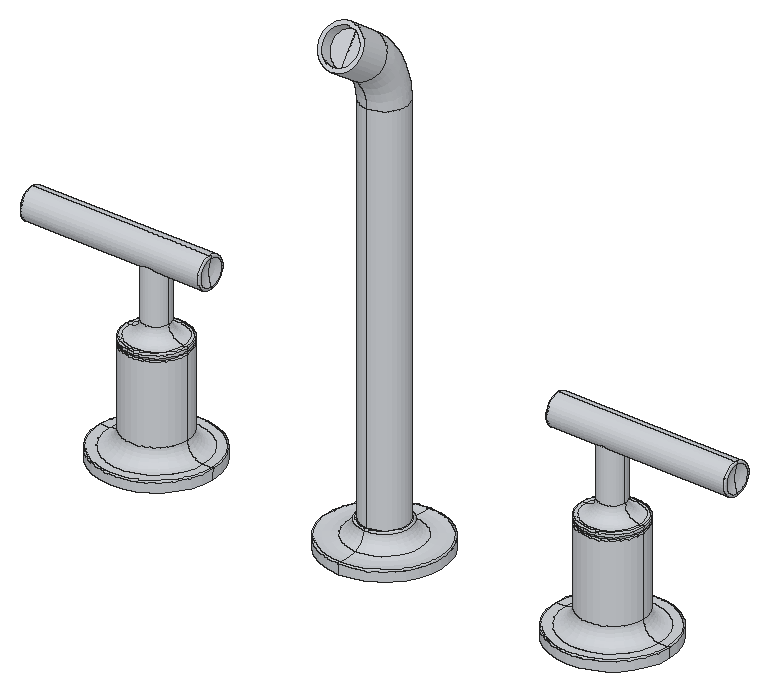
Revit family "Faucet-Wall_Mount-Lavatory-KOHLER-PURIST-K-14415A", category Plumbing Fixtures, host Face, Revit 2017
Family settings
  Host = Face
  Round Connector Dimension = Use Diameter
  Part Type = Normal
  OmniClass Number = 23.31.11.00
  OmniClass Title = Faucets
  Cut with Voids When Loaded = No
  Shared = No
  Room Calculation Point = No
Parameters (values of type "2.2 GPM, CP-Polished Chrome")
  Width [instance] = 8"
  WaterSense Certified = 1 = 0  # no
  Waste Water Outlet = "Waste Water Outlet"  # constant formula
  Waste Connection = 1 = 0  # no
  Vent Connection = 1 = 0  # no
  URL = "https://www.kohlerasiapacific.com/"
  Type = 1
  Spout Reach = Length  # 8 69/256"
  Product Page URL = ""
  Product Name = "PURIST"  # constant formula
  Product Documentation Link = ""
  Pressure = 60.00 psi  # constant formula
  Model = if(Type = 1, "K-14415A-4-CP", if(Type = 2, "K-14415A-B4-CP", if(Type = 3, "K-14415A-B4-BN", if(Type = 4, "K-14415A-B4-BV", if(Type = 5, "K-14415A-B4-RGD", "K-14415A-B4-PGD")))))  # "K-14415A-4-CP"
  Material = "Solid Brass Construction"  # constant formula
  Master Format 2014 Name = "Residential Faucets, Supplies, and Trim"  # constant formula
  Master Format 2014 = "22 41 39"  # constant formula
  Manufacturer Address = "No. 158 Jiang Chang San Road, Zhabei District, Shanghai, China"  # constant formula
  Manufacturer = "KOHLER Co."  # constant formula
  Length = 8 69/256"  # constant formula
  Hot Water Inlet = "Hot Water Inlet"  # constant formula
  Height = 2"  # constant formula
  Handle Height = 3 1/2"  # constant formula
  Handle Clearance = 2 3/16"  # constant formula
  HW Connection = 1 = 1  # yes
  Flow Rate = if(Type = 1, 2.2 GPM, 1.85 GPM)  # 2.2 GPM
  Finish = Kohler-Metal-CP-Polished_Chrome
  Faucet Hole Spacing [instance] = Width  # 8"
  Environmental Product Declaration = ""
  Drain Included = 1 = 0  # no
  Description = "BASIN SET WALL MOUNT 210MM SPOUT "  # constant formula
  Default Elevation = 36"
  Declare Label = ""
  Date Modified = "08/21/2020"  # constant formula
  Date Created = "08/21/2020"  # constant formula
  Copyright = "Copyright KOHLER Co."  # constant formula
  Contact Us = "https://www.kohlerasiapacific.com/contact-us"
  Cold Water Inlet = "Cold Water Inlet"  # constant formula
  CW Connection = 1 = 1  # yes
  Assembly Code = "D2010"
  ADA Compliant = 1 = 0  # no
Types (7): name | Width | Type | Model | Flow Rate | Finish | Faucet Hole Spacing
  (no name) | 8" | 1 | "K-14415A-4-CP" | 2.2 GPM | Kohler-Metal-CP-Polished_Chrome | 8"
  2.2 GPM, CP-Polished Chrome | 8" | 1 | "K-14415A-4-CP" | 2.2 GPM | Kohler-Metal-CP-Polished_Chrome | 8"
  1.85 GPM, CP-Polished Chrome | 7.99213" | 2 | "K-14415A-B4-CP" | 1.85 GPM | Kohler-Metal-CP-Polished_Chrome | 7.99213"
  1.85 GPM, BN-Vibrant Brushed Nickel | 7.99213" | 3 | "K-14415A-B4-BN" | 1.85 GPM | Kohler-Metal-BN-Vibrant_Brushed_Nickel | 7.99213"
  1.85 GPM, BV-Brushed Bronze | 7.99213" | 4 | "K-14415A-B4-BV" | 1.85 GPM | Kohler-Metal-BV-Brushed_Bronze | 7.99213"
  1.85 GPM, RGD-Polished Rose Gold | 7.99213" | 5 | "K-14415A-B4-RGD" | 1.85 GPM | Kohler-Metal-RGD-Polished_Rose_Gold | 7.99213"
  1.85 GPM, PGD-Modern Polished Gold | 7.99213" | 6 | "K-14415A-B4-PGD" | 1.85 GPM | Kohler-Metal-PGD-Modern_Polished_Gold | 7.99213"
Reference planes (in)
  plane 1 "Center (Front/Back)": y = 0
  plane 2: z = 0
  plane 3 "Center (Left/Right)": x = 0
  plane 4: x = -4
  plane 5: x = 4
  plane 6: x = -6.1875
  plane 7: x = -5
  plane 8: x = -3
  plane 9: x = -2.50001
  plane 10: y = -1
  plane 11: y = 1
  plane 12: y = -1.5
  plane 13: y = 1.5
  plane 14: x = 6.1875
  plane 15: x = 5
  plane 16: x = 3
  plane 17: x = 2.50001
  plane 18: x = -1
  plane 19: x = 1
  plane 20: y = -0.94488
  plane 21: z = 3.5
  plane 22: z = 8.26953
  plane 23: z = 8.57492
  plane 24: z = 0.46
  plane 25: z = 0.18
Dimensions and locks (in)
  "Width": plane 4 to plane 5
  equal spacing: plane 4, plane 3 "Center (Left/Right)", plane 5
  "Height": plane 11 to plane 10
  plane 7 to plane 8 = 2"
  plane 16 to plane 15 = 2"
  plane 18 to plane 19 = 2"
  equal spacing: plane 16, plane 5, plane 15
  "Handle Clearance": plane 5 to plane 14
  plane 1 "Center (Front/Back)" to plane 20 = 0.94488"
  "Length": plane 22 to level
  plane 21 to level = 3 1/2"
  "Handle Clearance": plane 4 to plane 6
  locked: plane 9 to plane 4 at 1.49999
  locked: plane 17 to plane 5 at 1.49999
  equal spacing: plane 7, plane 4, plane 8
  "Handle Height": plane 21 to level
  aligned and locked: plane 2 to host face
  aligned and locked: level to host face
  aligned and locked: plane 4 to nested 2
  aligned and locked: plane 1 "Center (Front/Back)" to nested 2
  aligned and locked: plane 3 "Center (Left/Right)" to nested 1
  aligned and locked: nested 3 to plane 5
  aligned and locked: nested 3 to plane 1 "Center (Front/Back)"
Automatic sketch dimensions
  host sketch curve to host sketch curve = 96"  (x2)
Nested families (in)
  nested 1: "K-14415A" at (0, 0, 0), type "K-14415A"
  nested 2: "K-14415A_Handle" at (-4, 0, 0), type "K-14415A_Handle"
  nested 3: "K-14415A_Handle" at (4, 0, 0) x (-1, 0, 0) z (0, 0, 1), type "K-14415A_Handle"
Connectors (in)
  piping at (-4.00001, 0, 0), diameter 0.5, driven by "HW Connection", driven by "Hot Water Inlet", driven by "Flow Rate"
    settings: on nested 2, index 1, connector inside diameter 24", connector length 0", flow factor 0, pipe flow 2.2 GPM, pressure drop 0.00 psi, fitting loss kfactor 0, connector angle 0.00°, fixture units 0, engagement length 0", angle of deflection 0.00°, flow configuration 1, flow direction 1, fitting loss method 4, system type 19, joint type 0, gender type 0, connector reference index -1, connector utility 1, adjustable connector no, is connector primary yes, connector description "Hot Water Inlet"
  piping at (4.00001, 0, 0), diameter 0.5, driven by "CW Connection", driven by "Cold Water Inlet", driven by "Flow Rate", driven by "Pressure"
    settings: on nested 3, index 2, connector inside diameter 24", connector length 0", flow factor 0, pipe flow 2.2 GPM, pressure drop 60.00 psi, fitting loss kfactor 0, connector angle 0.00°, fixture units 0, engagement length 0", angle of deflection 0.00°, flow configuration 1, flow direction 1, fitting loss method 4, system type 20, joint type 0, gender type 0, connector reference index -1, connector utility 1, adjustable connector no, is connector primary no, connector description "Cold Water Inlet"
Definition of nested family "K-14415A"
  Parameters (values of type "K-14415A")
    Material = none
  Reference planes (in)
    plane 1 "Center (Front/Back)": y = 0
    plane 2: z = 0
    plane 3 "Center (Left/Right)": x = 0
    plane 4: z = 8.26772
    plane 5: y = -0.94488
    plane 6: y = 1
    plane 7: x = -1
    plane 8: x = 1
    plane 9: y = -1
    plane 10: z = 8.57492
  Forms (in)
    Revolve 1, solid, material <- "Material", detail levels medium+fine
      sketch origin (0, 0, 0) x (0, 1, 0) y (0, 0, 1)
        loop
          line (0, 0) -> (1, 0) -> (1, 0.16234)
          arc (1, 0.16234) -> (0.99274, 0.17761) -> (0.97631, 0.18162) r 0.01969
          arc (0.97631, 0.18162) -> (0.80068, 0.16755) -> (0.62704, 0.19736) r 0.70683
          arc (0.62704, 0.19736) -> (0.49159, 0.28872) -> (0.43093, 0.44041) r 0.27779
          arc (0.43093, 0.44041) -> (0.42412, 0.45436) -> (0.40967, 0.46) r 0.02134
          line (0.40967, 0.46) -> (0, 0.46) -> (0, 0)
        axis (0, 0.46) -> (0, 0)
      angle from 0 to 360
    Sweep 2, solid, material <- "Material", detail levels medium+fine
      path origin (0, 0, 0) x (0, 1, 0) y (0, 0, 1)
        loop
          line (0, 0.30036) -> (0, 7.04536)
          arc (0, 7.04536) -> (-0.12171, 7.54274) -> (-0.45934, 7.92773) r 1.07718
          line (-0.45934, 7.92773) -> (-0.94488, 8.26772)
      profile origin (0, 0, 3.67286) x (0, -1, 0) y (1, 0, 0)
        loop
          circle (0, 0) r 0.37503
    Revolve 3, void
      sketch origin (0, 0, 0) x (0, 1, 0) y (0, 0, 1)
        loop
          line (-0.78297, 8.52882) -> (-0.95892, 8.27754) -> (-0.77806, 8.15091) -> (-0.60211, 8.40219) -> (-0.78297, 8.52882)
        axis (-0.95892, 8.27754) -> (-0.77806, 8.15091)
      angle from 0 to 360
    Extrusion 4, solid, material <- "Material", detail levels coarse
      sketch origin (0, 0, 0) x (1, 0, 0) y (0, 1, 0)
        loop
          circle (0, 0) r 1
      from 0 to 0.46
    Sweep 5, solid, material <- "Material", detail levels coarse
      path origin (0, 0, 0) x (0, 1, 0) y (0, 0, 1)
        loop
          line (0, 0.30036) -> (0, 7.04536)
          arc (0, 7.04536) -> (-0.12171, 7.54274) -> (-0.45934, 7.92773) r 1.07718
          line (-0.45934, 7.92773) -> (-0.94488, 8.26772)
      profile origin (0, 0, 3.67286) x (0, -1, 0) y (1, 0, 0)
        loop
          circle (0, 0) r 0.43
  Cuts and joins
    Revolve 3 cuts Sweep 2
    joined: Revolve 1, Sweep 2
    joined: Extrusion 4, Sweep 5
  Lines and regions (in)
    Masking region 1
      outline origin (0, 0, 0) x (1, 0, 0) y (0, 0, 1)
        loop
          line (-0.37503, 8.26772) -> (-0.37503, 0.46) -> (-0.40957, 0.46)
          arc (-0.40957, 0.46) -> (-0.42397, 0.45431) -> (-0.4306, 0.44031) r 0.02107
          arc (-0.4306, 0.44031) -> (-0.49018, 0.28587) -> (-0.62704, 0.19275) r 0.27779
          arc (-0.62704, 0.19275) -> (-0.65157, 0.18577) -> (-0.67635, 0.17969) r 0.70683
          line (-0.67635, 0.17969) -> (-0.98031, 0.17969)
          arc (-0.98031, 0.17969) -> (-0.99423, 0.17392) -> (-1, 0.16) r 0.01969
          line (-1, 0.16) -> (-1, 0) -> (1, 0) -> (1, 0.16)
          arc (1, 0.16) -> (0.99423, 0.17392) -> (0.98031, 0.17969) r 0.01969
          line (0.98031, 0.17969) -> (0.67635, 0.17969)
          arc (0.67635, 0.17969) -> (0.65157, 0.18577) -> (0.62704, 0.19275) r 0.70683
          arc (0.62704, 0.19275) -> (0.49013, 0.28594) -> (0.43058, 0.44048) r 0.27779
          arc (0.43058, 0.44048) -> (0.42403, 0.45436) -> (0.40975, 0.46) r 0.02087
          line (0.40975, 0.46) -> (0.37503, 0.46) -> (0.37503, 8.26772)
          spline (0.37503, 8.26772) -> (0.36225, 8.34723) -> (0.32478, 8.42132) -> (0.26518, 8.48494) -> (0.18751, 8.53376) -> (0.09706, 8.56445) -> (0, 8.57492) -> (-0.09706, 8.56445) -> (-0.18751, 8.53376) -> (-0.26518, 8.48494) -> (-0.32478, 8.42132) -> (-0.36225, 8.34723) -> (-0.37503, 8.26772)
    Masking region 2
      outline origin (0, 0, 0) x (0, 1, 0) y (0, 0, 1)
        loop
          line (0.37503, 0.46) -> (0.37503, 7.04135)
          arc (0.37503, 7.04135) -> (0.21007, 7.71546) -> (-0.24751, 8.23724) r 1.45991
          line (-0.24751, 8.23724) -> (-0.72978, 8.57492) -> (-1.15999, 7.96051) -> (-0.67812, 7.6231)
          arc (-0.67812, 7.6231) -> (-0.45534, 7.36907) -> (-0.37503, 7.04087) r 0.71077
          line (-0.37503, 7.04087) -> (-0.37503, 0.46) -> (-0.40975, 0.46)
          arc (-0.40975, 0.46) -> (-0.42403, 0.45436) -> (-0.43058, 0.44048) r 0.02087
          arc (-0.43058, 0.44048) -> (-0.49013, 0.28594) -> (-0.62704, 0.19275) r 0.27779
          arc (-0.62704, 0.19275) -> (-0.65157, 0.18577) -> (-0.67635, 0.17969) r 0.70683
          line (-0.67635, 0.17969) -> (-0.98031, 0.17969)
          arc (-0.98031, 0.17969) -> (-0.99423, 0.17392) -> (-1, 0.16) r 0.01969
          line (-1, 0.16) -> (-1, 0) -> (1, 0) -> (1, 0.16)
          arc (1, 0.16) -> (0.99423, 0.17392) -> (0.98031, 0.17969) r 0.01969
          line (0.98031, 0.17969) -> (0.67635, 0.17969)
          arc (0.67635, 0.17969) -> (0.65157, 0.18577) -> (0.62704, 0.19275) r 0.70683
          arc (0.62704, 0.19275) -> (0.49018, 0.28587) -> (0.4306, 0.44031) r 0.27779
          arc (0.4306, 0.44031) -> (0.42397, 0.45431) -> (0.40957, 0.46) r 0.02107
          line (0.40957, 0.46) -> (0.37503, 0.46)
    Masking region 3
      outline origin (0, 0, 0) x (1, 0, 0) y (0, 1, 0)
        loop
          arc (0.3738, -0.92751) -> (0, 1) -> (-0.3738, -0.92751) r 1
          spline (-0.3738, -0.92751) -> (-0.36796, -0.98644) -> (-0.33441, -1.04224) -> (-0.27568, -1.09071) -> (-0.1962, -1.1282) -> (-0.10194, -1.15189) -> (0, -1.15999) -> (0.10194, -1.15189) -> (0.1962, -1.1282) -> (0.27568, -1.09071) -> (0.33441, -1.04224) -> (0.36796, -0.98644) -> (0.3738, -0.92751)
    symbolic lines, detail levels medium+fine
      curve 1: line (-0.37503, 0, 0.46) -> (0.37503, 0, 0.46)
      curve 2: line (-0.67635, 0, 0.17969) -> (0.67635, 0, 0.17969)
      curve 3: line (0, 0.37503, 0.46) -> (0, -0.40251, 0.46)
      curve 4: line (0, 0.67635, 0.17969) -> (0, -0.67635, 0.17969)
      curve 5: arc (-0.37503, -0.21037, 0) -> (0, 0.43, 0) -> (0.37503, -0.21037, 0) r 0.43
      curve 6: arc (-0.37503, 0, 0) -> (0, 0.37503, 0) -> (0.37503, 0, 0) r 0.37503
      curve 7: spline (0.35433, -0.93009, 0) -> (0.34226, -0.98308, 0) -> (0.30686, -1.03245, 0) -> (0.25055, -1.07485, 0) -> (0.17717, -1.10739, 0) -> (0.09171, -1.12784, 0) -> (0, -1.13481, 0) -> (-0.09171, -1.12784, 0) -> (-0.17717, -1.10739, 0) -> (-0.25055, -1.07485, 0) -> (-0.30686, -1.03245, 0) -> (-0.34226, -0.98308, 0) -> (-0.35433, -0.93009, 0) -> (-0.34226, -0.8771, 0) -> (-0.30686, -0.82773, 0) -> (-0.25055, -0.78533, 0) -> (-0.17717, -0.75279, 0) -> (-0.09171, -0.73234, 0) -> (0, -0.72537, 0) -> (0.09171, -0.73234, 0) -> (0.17717, -0.75279, 0) -> (0.25055, -0.78533, 0) -> (0.30686, -0.82773, 0) -> (0.34226, -0.8771, 0) -> (0.35433, -0.93009, 0)
      curve 8: spline (0.37503, -0.92701, 0) -> (0.36225, -0.87134, 0) -> (0.32478, -0.81946, 0) -> (0.26518, -0.77491, 0) -> (0.18751, -0.74073, 0) -> (0.09706, -0.71924, 0) -> (0, -0.71191, 0) -> (-0.09706, -0.71924, 0) -> (-0.18751, -0.74073, 0) -> (-0.26518, -0.77491, 0) -> (-0.32478, -0.81946, 0) -> (-0.36225, -0.87134, 0) -> (-0.37503, -0.92701, 0)
      curve 9: line (-0.37503, -0.92701, 0) -> (-0.37503, 0, 0)
      curve 10: line (0.37503, -0.92701, 0) -> (0.37503, 0, 0)
      curve 11: line (0, -0.24751, 8.23724) -> (0, -0.67793, 7.62297)
      curve 12: spline (0.37503, 0, 7.93591) -> (0.36225, 0, 8.01542) -> (0.32478, 0, 8.08951) -> (0.26518, 0, 8.15313) -> (0.18751, 0, 8.20195) -> (0.09706, 0, 8.23264) -> (0, 0, 8.24311) -> (-0.09706, 0, 8.23264) -> (-0.18751, 0, 8.20195) -> (-0.26518, 0, 8.15313) -> (-0.32478, 0, 8.08951) -> (-0.36225, 0, 8.01542) -> (-0.37503, 0, 7.93591)
      curve 13: spline (0.37503, -0.46262, 0) -> (0.36225, -0.40695, 0) -> (0.32478, -0.35507, 0) -> (0.26518, -0.31052, 0) -> (0.18751, -0.27633, 0) -> (0.09706, -0.25484, 0) -> (0, -0.24751, 0) -> (-0.09706, -0.25484, 0) -> (-0.18751, -0.27633, 0) -> (-0.26518, -0.31052, 0) -> (-0.32478, -0.35507, 0) -> (-0.36225, -0.40695, 0) -> (-0.37503, -0.46262, 0)
  Dimensions and locks (in)
    plane 4 to plane 2 = 8.26772"
    plane 1 "Center (Front/Back)" to plane 5 = 0.94488"
    aligned and locked: plane 2 to level
    aligned and locked: Masking region 1 to curve 2
Definition of nested family "K-14415A_Handle"
  Parameters (values of type "K-14415A_Handle")
    Material = none
  Reference planes (in)
    plane 1 "Center (Front/Back)": y = 0
    plane 2: z = 0
    plane 3 "Center (Left/Right)": x = 0
    plane 4: z = 3.4375
    plane 5: y = 1.5
    plane 6: y = -1.5
    plane 7: x = -1
    plane 8: x = 1
    plane 9: x = -2.1875
    plane 10: z = 3.5
    plane 11: y = 1
    plane 12: y = -1
    plane 13: x = 1.49999
    plane 14: x = -1.50001
  Forms (in)
    Revolve 1, solid, material <- "Material", detail levels medium+fine
      sketch origin (0, 0, 0) x (1, 0, 0) y (0, 0, 1)
        loop
          line (-1, 0) -> (0, 0) -> (0, 3.15834) -> (-0.22336, 3.15834) -> (-0.22336, 2.17)
          arc (-0.22336, 2.17) -> (-0.29658, 1.99322) -> (-0.47336, 1.92) r 0.25
          line (-0.47336, 1.92) -> (-0.52471, 1.92)
          arc (-0.52471, 1.92) -> (-0.53868, 1.91432) -> (-0.54473, 1.9005) r 0.02002
          arc (-0.54473, 1.9005) -> (-0.54506, 1.87589) -> (-0.54477, 1.85127) r 0.97043
          arc (-0.54477, 1.85127) -> (-0.5382, 1.8362) -> (-0.52297, 1.83) r 0.02181
          line (-0.52297, 1.83) -> (-0.49311, 1.822) -> (-0.52398, 1.822)
          arc (-0.52398, 1.822) -> (-0.53884, 1.81584) -> (-0.545, 1.80098) r 0.02102
          line (-0.545, 1.80098) -> (-0.545, 0.45771)
          arc (-0.545, 0.45771) -> (-0.62634, 0.26134) -> (-0.82271, 0.18) r 0.27771
          line (-0.82271, 0.18) -> (-0.98031, 0.18)
          arc (-0.98031, 0.18) -> (-0.99423, 0.17423) -> (-1, 0.16031) r 0.01969
          line (-1, 0.16031) -> (-1, 0)
        axis (0, 3.15834) -> (0, 0)
      angle from 0 to 360
    Revolve 2, solid, material <- "Material", detail levels medium+fine
      sketch origin (0, 0, 0) x (1, 0, 0) y (0, 0, 1)
        loop
          line (-2.13709, 3.23499) -> (0.91233, 3.23499)
          arc (0.91233, 3.23499) -> (0.92456, 3.353) -> (0.96071, 3.466) r 0.5758
          arc (0.96071, 3.466) -> (0.95879, 3.48901) -> (0.93848, 3.5) r 0.02427
          line (0.93848, 3.5) -> (-2.16323, 3.5)
          arc (-2.16323, 3.5) -> (-2.18354, 3.48901) -> (-2.18546, 3.466) r 0.02427
          arc (-2.18546, 3.466) -> (-2.14931, 3.353) -> (-2.13709, 3.23499) r 0.5758
        axis (-2.18546, 3.23499) -> (0.96071, 3.23499)
      angle from 0 to 360
    Extrusion 3, solid, material <- "Material", detail levels coarse
      sketch origin (0, 0, 0) x (0, 1, 0) y (0, 0, 1)
        loop
          circle (0, 3.23499) r 0.26501
      from -2.1875 to 0.96274
    Revolve 4, solid, material <- "Material", detail levels coarse
      sketch origin (0, 0, 0) x (0, 1, 0) y (0, 0, 1)
        loop
          line (1, 0) -> (1, 0.18) -> (0.545, 0.18) -> (0.545, 1.92) -> (0.22363, 1.92) -> (0.22363, 3.15834) -> (0, 3.15834) -> (0, 0) -> (1, 0)
        axis (0, 3.15834) -> (0, 0)
      angle from 0 to 360
    Extrusion 5, solid, material <- "Material", detail levels medium+fine
      sketch origin (0, 0, 0) x (1, 0, 0) y (0, 1, 0)
        loop
          circle (-0.00001, 0) r 0.3125
      from 0 to 0.04385
  Lines and regions (in)
    Masking region 1
      outline origin (0, 0, 0) x (0, 1, 0) y (0, 0, 1)
        loop
          line (1, 0) -> (1, 0.16031)
          arc (1, 0.16031) -> (0.99423, 0.17423) -> (0.98031, 0.18) r 0.01969
          line (0.98031, 0.18) -> (0.82227, 0.18)
          arc (0.82227, 0.18) -> (0.62621, 0.26121) -> (0.545, 0.45727) r 0.27727
          line (0.545, 0.45727) -> (0.545, 1.80105)
          arc (0.545, 1.80105) -> (0.53886, 1.81586) -> (0.52405, 1.822) r 0.02095
          line (0.52405, 1.822) -> (0.49262, 1.822) -> (0.52248, 1.83)
          arc (0.52248, 1.83) -> (0.53823, 1.83653) -> (0.54476, 1.85228) r 0.02228
          line (0.54476, 1.85228) -> (0.54476, 1.90043)
          arc (0.54476, 1.90043) -> (0.53902, 1.91427) -> (0.52519, 1.92) r 0.01957
          line (0.52519, 1.92) -> (-0.52519, 1.92)
          arc (-0.52519, 1.92) -> (-0.53902, 1.91427) -> (-0.54476, 1.90043) r 0.01957
          line (-0.54476, 1.90043) -> (-0.54476, 1.85228)
          arc (-0.54476, 1.85228) -> (-0.53823, 1.83653) -> (-0.52248, 1.83) r 0.02228
          line (-0.52248, 1.83) -> (-0.49262, 1.822) -> (-0.52432, 1.822)
          arc (-0.52432, 1.822) -> (-0.53894, 1.81594) -> (-0.545, 1.80132) r 0.02068
          line (-0.545, 1.80132) -> (-0.545, 0.45727)
          arc (-0.545, 0.45727) -> (-0.62621, 0.26121) -> (-0.82227, 0.18) r 0.27727
          line (-0.82227, 0.18) -> (-0.98031, 0.18)
          arc (-0.98031, 0.18) -> (-0.99423, 0.17423) -> (-1, 0.16031) r 0.01969
          line (-1, 0.16031) -> (-1, 0) -> (1, 0)
    Masking region 2
      outline origin (0, 0, 0) x (1, 0, 0) y (0, 0, 1)
        loop
          line (-1, 0) -> (1, 0) -> (1, 0.16031)
          arc (1, 0.16031) -> (0.99423, 0.17423) -> (0.98031, 0.18) r 0.01969
          line (0.98031, 0.18) -> (0.82227, 0.18)
          arc (0.82227, 0.18) -> (0.62621, 0.26121) -> (0.545, 0.45727) r 0.27727
          line (0.545, 0.45727) -> (0.545, 1.80132)
          arc (0.545, 1.80132) -> (0.53894, 1.81594) -> (0.52432, 1.822) r 0.02068
          line (0.52432, 1.822) -> (0.49262, 1.822) -> (0.52248, 1.83)
          arc (0.52248, 1.83) -> (0.53823, 1.83653) -> (0.54476, 1.85228) r 0.02228
          line (0.54476, 1.85228) -> (0.54476, 1.90043)
          arc (0.54476, 1.90043) -> (0.53902, 1.91427) -> (0.52519, 1.92) r 0.01957
          line (0.52519, 1.92) -> (-0.52519, 1.92)
          arc (-0.52519, 1.92) -> (-0.53902, 1.91427) -> (-0.54476, 1.90043) r 0.01957
          line (-0.54476, 1.90043) -> (-0.54476, 1.85228)
          arc (-0.54476, 1.85228) -> (-0.53823, 1.83653) -> (-0.52248, 1.83) r 0.02228
          line (-0.52248, 1.83) -> (-0.49262, 1.822) -> (-0.52405, 1.822)
          arc (-0.52405, 1.822) -> (-0.53886, 1.81586) -> (-0.545, 1.80105) r 0.02095
          line (-0.545, 1.80105) -> (-0.545, 0.45727)
          arc (-0.545, 0.45727) -> (-0.62621, 0.26121) -> (-0.82227, 0.18) r 0.27727
          line (-0.82227, 0.18) -> (-0.98031, 0.18)
          arc (-0.98031, 0.18) -> (-0.99423, 0.17423) -> (-1, 0.16031) r 0.01969
          line (-1, 0.16031) -> (-1, 0)
    Masking region 3
      outline origin (0, 0, 0) x (1, 0, 0) y (0, 0, 1)
        loop
          line (-0.22363, 2.96998) -> (-0.22363, 2.17)
          arc (-0.22363, 2.17) -> (-0.29685, 1.99322) -> (-0.47363, 1.92) r 0.25
          line (-0.47363, 1.92) -> (0.47363, 1.92)
          arc (0.47363, 1.92) -> (0.29685, 1.99322) -> (0.22363, 2.17) r 0.25
          line (0.22363, 2.17) -> (0.22363, 2.96998) -> (0.93848, 2.96998)
          arc (0.93848, 2.96998) -> (0.95564, 2.97709) -> (0.96274, 2.99425) r 0.02427
          line (0.96274, 2.99425) -> (0.96274, 3.47573)
          arc (0.96274, 3.47573) -> (0.95564, 3.49289) -> (0.93848, 3.5) r 0.02427
          line (0.93848, 3.5) -> (-2.16323, 3.5)
          arc (-2.16323, 3.5) -> (-2.18039, 3.49289) -> (-2.1875, 3.47573) r 0.02427
          line (-2.1875, 3.47573) -> (-2.1875, 2.99425)
          arc (-2.1875, 2.99425) -> (-2.18039, 2.97709) -> (-2.16323, 2.96998) r 0.02427
          line (-2.16323, 2.96998) -> (-0.22363, 2.96998)
    Masking region 4
      outline origin (0, 0, 0) x (0, 1, 0) y (0, 0, 1)
        loop
          arc (0.22363, 3.09279) -> (0, 3.5) -> (-0.22363, 3.09279) r 0.26501
          line (-0.22363, 3.09279) -> (-0.22363, 2.17)
          arc (-0.22363, 2.17) -> (-0.29685, 1.99322) -> (-0.47363, 1.92) r 0.25
          line (-0.47363, 1.92) -> (0.47363, 1.92)
          arc (0.47363, 1.92) -> (0.29685, 1.99322) -> (0.22363, 2.17) r 0.25
          line (0.22363, 2.17) -> (0.22363, 3.09279)
    Masking region 5
      outline origin (0, 0, 0) x (1, 0, 0) y (0, 1, 0)
        loop
          line (-0.96425, 0.26501) -> (-2.16323, 0.26501)
          arc (-2.16323, 0.26501) -> (-2.18039, 0.2579) -> (-2.1875, 0.24074) r 0.02427
          line (-2.1875, 0.24074) -> (-2.1875, -0.24074)
          arc (-2.1875, -0.24074) -> (-2.18039, -0.2579) -> (-2.16323, -0.26501) r 0.02427
          line (-2.16323, -0.26501) -> (-0.96425, -0.26501)
          arc (-0.96425, -0.26501) -> (1, 0) -> (-0.96425, 0.26501) r 1
    symbolic lines, detail levels medium+fine
      curve 1: line (-0.545, 0, 1.822) -> (0.545, 0, 1.822)
      curve 2: line (-0.52297, 0, 1.83) -> (0.52248, 0, 1.83)
      curve 3: line (-0.82227, 0, 0.18) -> (0.82227, 0, 0.18)
      curve 4: line (0, 0.52297, 1.83) -> (0, -0.52297, 1.83)
      curve 5: line (0, 0.49311, 1.822) -> (0, -0.49311, 1.822)
      curve 6: line (0, 0.82227, 0.18) -> (0, -0.82227, 0.18)
      curve 7: arc (-0.22363, 0, 2.96998) -> (0, 0, 3.07064) -> (0.22363, 0, 2.96998) r 0.29873
      curve 8: arc (0, -0.22363, 3.09279) -> (0, 0, 2.96998) -> (0, 0.22363, 3.09279) r 0.26501
      curve 9: line (-0.96425, 0.26501, 0) -> (0.93847, 0.26501, 0)
      curve 10: arc (0.96273, 0.24074, 0) -> (0.95563, 0.2579, 0) -> (0.93847, 0.26501, 0) r 0.02427
      curve 11: arc (0.96273, -0.24074, 0) -> (0.95563, -0.2579, 0) -> (0.93847, -0.26501, 0) r 0.02427
      curve 12: line (0.96273, 0.24074, 0) -> (0.96273, -0.24074, 0)
      curve 13: line (-0.96425, -0.26501, 0) -> (0.93847, -0.26501, 0)
      curve 14: arc (-0.47623, 0.26501, 0) -> (0, 0.545, 0) -> (0.47623, 0.26501, 0) r 0.545
      curve 15: arc (-0.47623, -0.26501, 0) -> (0, -0.545, 0) -> (0.47623, -0.26501, 0) r 0.545
      curve 16: line (0, 0.545, 0.45727) -> (0, -0.545, 0.45727)
      curve 17: line (-0.545, 0, 0.45727) -> (0.545, 0, 0.45727)
      curve 18: circle (0, 0, 3.23499) r 0.24143 normal (1, 0, 0)
      curve 19: arc (-0.81548, -0.26501, 0) -> (0, -0.85746, 0) -> (0.81548, -0.26501, 0) r 0.85746
      curve 20: arc (0.81548, 0.26501, 0) -> (0, 0.85746, 0) -> (-0.81548, 0.26501, 0) r 0.85746
      curve 21: arc (-0.35969, -0.26501, 0) -> (0, -0.44677, 0) -> (0.35969, -0.26501, 0) r 0.44677
      curve 22: arc (0.35969, 0.26501, 0) -> (0, 0.44677, 0) -> (-0.35969, 0.26501, 0) r 0.44677
  Dimensions and locks (in)
    plane 4 to plane 2 = 3 7/16"
    plane 5 to plane 6 = 3"
    plane 10 to plane 2 = 3 1/2"
    plane 3 "Center (Left/Right)" to plane 9 = 2 3/16"
    plane 7 to plane 8 = 2"
    plane 11 to plane 12 = 2"
    plane 14 to plane 13 = 3"
    plane 8 to plane 3 "Center (Left/Right)" = 1"
    aligned and locked: plane 2 to level
